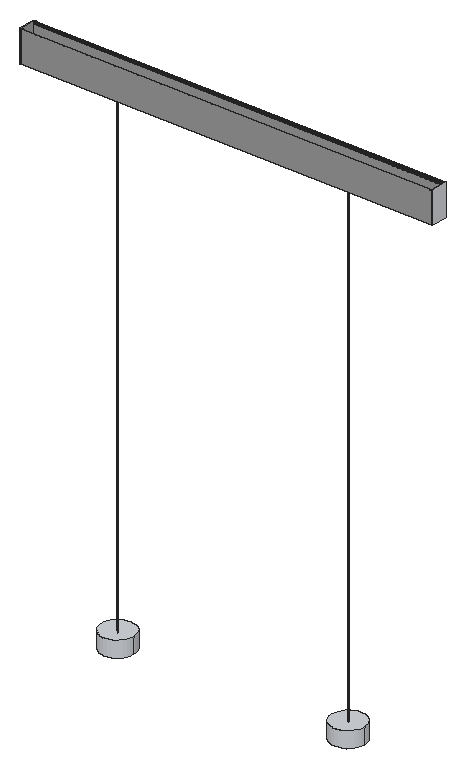
Revit family "MTS-PMK", category Lighting Devices, host Face, Revit 2022
Family settings
  Host = Face
  Round Connector Dimension = Use Diameter
  Part Type = Normal
  Cut with Voids When Loaded = Yes
  Maintain Annotation Orientation = No
  Shared = No
  Room Calculation Point = No
Parameters (values of type "MTS1M-24V-PMK-BK")
  URL = "https://www.abovealllighting.com/Product/LED-INDOOR-FIXTURE/Track/MagneticTrackProfile.html"
  Suspension = Height - 0' 3"  # 3' - 11 51/256"
  Pendant Kit = yes
  Model = "MTS1M-24V-PMK-BK"
  Height = 4' - 2 51/256"
  Manufacturer = "Above All Lighting"  # constant formula
  Load Classification = Lighting
  Length = 3' - 3 51/128"
  Input Voltage = "24V"
  End Cap 2 = yes
  End Cap 1 = yes
  Default Elevation = 0' - 0"
  Cable = yes
Types (4): name | Model | Length
  (no name) | "MTS1M-24V-PMK-BK" | 3' - 3 51/128"
  MTS1M-24V-PMK-BK | "MTS1M-24V-PMK-BK" | 3' - 3 51/128"
  MTS3M-24V-PMK-BK | "MTS3M-24V-PMK-BK" | 9' - 10"
  MTS2M-24V-PMK-BK | "MTS2M-24V-PMK-BK" | 6' - 6 55/128"
Reference planes (in)
  plane 1 "Center (Front/Back)": y = 0
  plane 2: z = 0
  plane 3 "Center (Left/Right)": x = 0
  plane 4: z = 47.19922
  plane 5: y = 0.77
  plane 6: y = -0.77
  plane 7: z = 50.19922
  plane 8: x = -19.59922
  plane 9: x = 19.59922
  plane 10: x = -19.69922
  plane 11: x = 19.69922
  plane 12: x = 10.99922
  plane 13: x = -10.99922
Forms (in)
  Extrusion 1, solid, material "Default"
    sketch origin (-19.5, 0, 4) x (0, -1, 0) y (0, 0, -1)
      loop
        line (0.77, -46.19922) -> (0.77, -43.19922) -> (0.27, -43.19922) -> (0.27, -43.30943) -> (0.6271, -43.30943) -> (0.6271, -43.55943) -> (0.3771, -43.55943) -> (0.3771, -43.50313) -> (0.27, -43.50313) -> (0.27, -43.55943) -> (0, -43.55943) -> (-0.27, -43.55943) -> (-0.27, -43.50313) -> (-0.3771, -43.50313) -> (-0.3771, -43.55943) -> (-0.6271, -43.55943) -> (-0.6271, -43.30943) -> (-0.27, -43.30943) -> (-0.27, -43.19922) -> (-0.77, -43.19922) -> (-0.77, -46.19922) -> (-0.73734, -46.19922) -> (-0.66461, -46.12649) -> (-0.66461, -46.09528) -> (-0.69547, -46.09528) -> (-0.69547, -45.95855) -> (-0.6271, -45.95855) -> (-0.6271, -44.06429) -> (-0.45049, -44.06429) -> (-0.45049, -43.92186) -> (-0.45049, -43.8535) -> (-0.6271, -43.8535) -> (-0.6271, -43.67974) -> (0, -43.67974) -> (0.6271, -43.67974) -> (0.6271, -43.8535) -> (0.45049, -43.8535) -> (0.45049, -43.92186) -> (0.45049, -44.06429) -> (0.6271, -44.06429) -> (0.6271, -45.95855) -> (0.69547, -45.95855) -> (0.69547, -46.09528) -> (0.66461, -46.09528) -> (0.66461, -46.12649) -> (0.73734, -46.19922) -> (0.77, -46.19922)
    from -0.09922 to 39.09922
  Extrusion 2, solid, material "Default", visible <- "End Cap 1"
    sketch origin (-19.8, 0, 0) x (0, 1, 0) y (0, 0, 1)
      loop
        line (0.77, 50.19922) -> (-0.77, 50.19922) -> (-0.77, 47.19922) -> (0.77, 47.19922) -> (0.77, 50.19922)
    from 0.10078 to 0.20078
  Extrusion 3, solid, visible <- "End Cap 2"
    sketch origin (19.8, 0, 0) x (0, 1, 0) y (0, 0, -1)
      loop
        line (0.77, -50.19922) -> (0.77, -47.19922) -> (-0.77, -47.19922) -> (-0.77, -50.19922) -> (0.77, -50.19922)
    from 0.10078 to 0.20078
  Extrusion 4, solid, visible <- "Pendant Kit"
    sketch origin (0, 0, 0) x (1, 0, 0) y (0, 1, 0)
      loop
        circle (-10.99922, 0) r 1.575
      loop
        circle (10.99922, 0) r 1.575
    from 0 to 1.5
  Extrusion 5, solid, visible <- "Cable"
    sketch origin (0, 0, 0) x (1, 0, 0) y (0, 1, 0)
      loop
        circle (-10.99922, 0) r 0.05245
      loop
        circle (10.99922, 0) r 0.05245
    from 0 to 47.55943
Dimensions and locks (in)
  plane 5 to plane 6 = 0' - 1.54"
  plane 4 to plane 7 = 0' - 3"
  equal spacing: plane 8, plane 3 "Center (Left/Right)", plane 9
  locked: plane 10 to plane 8 at 0.1
  locked: plane 9 to plane 11 at 0.1
  "Length": plane 10 to plane 11
  "Height": host face to plane 7
  locked: plane 8 to plane 13 at 8.6
  locked: plane 12 to plane 9 at 8.6
  "Length": Extrusion 2 to Extrusion 3
  aligned and locked: plane 2 to host face
  aligned and locked: level to host face
  aligned and locked: plane 9 to Extrusion 1
  aligned and locked: Extrusion 1 to plane 8
  aligned and locked: plane 10 to Extrusion 2
  aligned and locked: plane 8 to Extrusion 2
  aligned and locked: plane 5 to Extrusion 2
  aligned and locked: plane 6 to Extrusion 2
  aligned and locked: plane 11 to Extrusion 3
  aligned and locked: plane 9 to Extrusion 3
  aligned and locked: plane 5 to Extrusion 3
  aligned and locked: plane 6 to Extrusion 3
  aligned and locked: plane 13 to Extrusion 4 sketch curve
  aligned and locked: plane 12 to Extrusion 4 sketch curve
  aligned and locked: plane 13 to Extrusion 5 sketch curve
  aligned and locked: plane 12 to Extrusion 5 sketch curve
  aligned and locked: Extrusion 5 to Extrusion 1
Automatic sketch dimensions
  host sketch curve to host sketch curve = 8' - 0"  (x2)
  Extrusion 1 sketch curve to plane 5 = 0' - 0"
  plane 7 to Extrusion 1 sketch curve = 0' - 0"  (x2)
  Extrusion 1 sketch curve to plane 4 = 0' - 0"  (x2)
  Extrusion 1 sketch curve to plane 1 "Center (Front/Back)" = 0' - 0"  (x2)
  Extrusion 1 sketch curve to plane 6 = 0' - 0"
  Extrusion 1 sketch curve to Extrusion 1 sketch curve = 0' - 0.03266"  (x2)
  Extrusion 1 sketch curve to plane 5 = 0' - 0.07453"
  Extrusion 1 sketch curve to Extrusion 1 sketch curve = 0' - 0.03086"  (x2)
  Extrusion 1 sketch curve to plane 5 = 0' - 0.1429"
  Extrusion 1 sketch curve to Extrusion 1 sketch curve = 0' - 0"  (x3)
  Extrusion 1 sketch curve to Extrusion 1 sketch curve = 0' - 0.06836"  (x3)
  Extrusion 1 sketch curve to Extrusion 1 sketch curve = 0' - 0.17661"
  Extrusion 1 sketch curve to Extrusion 1 sketch curve = 0' - 0 1/4"
  Extrusion 1 sketch curve to plane 1 "Center (Front/Back)" = 0' - 0.27"
  Extrusion 1 sketch curve to Extrusion 1 sketch curve = 0' - 0.1071"  (x2)
  plane 1 "Center (Front/Back)" to Extrusion 1 sketch curve = 0' - 0.27"
  Extrusion 1 sketch curve to plane 6 = 0' - 0.31951"
  Extrusion 1 sketch curve to plane 6 = 0' - 0.1429"  (x3)
  Extrusion 1 sketch curve to plane 6 = 0' - 0.10539"
  plane 7 to Extrusion 1 sketch curve = 0' - 0.07273"  (x2)
  Extrusion 1 sketch curve to Extrusion 1 sketch curve = 0' - 0.03121"  (x2)
  Extrusion 1 sketch curve to Extrusion 1 sketch curve = 0' - 0 35/256"  (x2)
  plane 4 to Extrusion 1 sketch curve = 0' - 0.86507"  (x2)
  Extrusion 1 sketch curve to Extrusion 1 sketch curve = 0' - 0.14243"  (x2)
  Extrusion 1 sketch curve to Extrusion 1 sketch curve = 0' - 0.17376"
  Extrusion 1 sketch curve to Extrusion 1 sketch curve = 0' - 0.12031"  (x2)
  Extrusion 1 sketch curve to Extrusion 1 sketch curve = 0' - 0.0563"  (x2)
  plane 4 to Extrusion 1 sketch curve = 0' - 0.11021"  (x2)
  Extrusion 2 sketch curve to plane 6 = 0' - 0"
  Extrusion 2 sketch curve to plane 4 = 0' - 0"
  Extrusion 2 sketch curve to plane 5 = 0' - 0"
  plane 7 to Extrusion 2 sketch curve = 0' - 0"
  Extrusion 3 sketch curve to plane 6 = 0' - 0"
  Extrusion 3 sketch curve to plane 4 = 0' - 0"
  Extrusion 3 sketch curve to plane 5 = 0' - 0"
  plane 7 to Extrusion 3 sketch curve = 0' - 0"
  plane 1 "Center (Front/Back)" to Extrusion 4 sketch curve = 0' - 0"  (x2)
  plane 1 "Center (Front/Back)" to Extrusion 5 sketch curve = 0' - 0"  (x2)
  radius of Extrusion 4 sketch curve = 0' - 1.575"  (x2)
  radius of Extrusion 5 sketch curve = 0' - 0.05245"  (x2)
